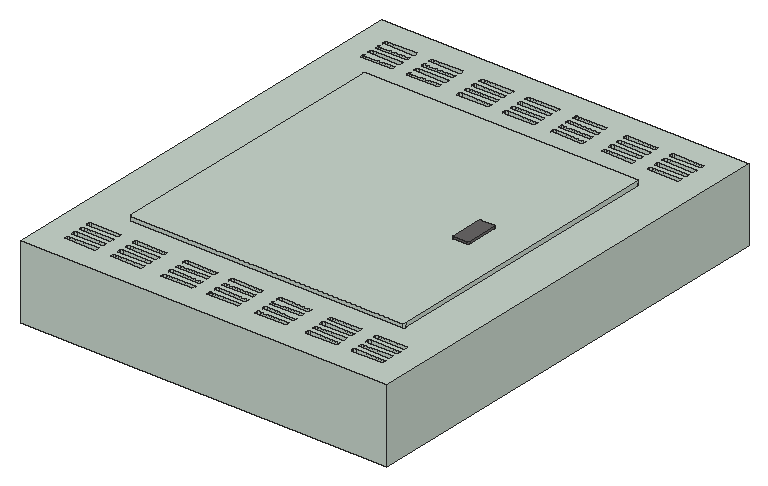
Revit family "NXP2", category Communication Devices, host Face, Revit 2021
Family settings
  Host = Face
  Maintain Annotation Orientation = No
  Round Connector Dimension = Use Diameter
  Part Type = Normal
  OmniClass Number = 23.85.80.11.27
  OmniClass Title = Lighting Controls
  Cut with Voids When Loaded = No
  Shared = Yes
  Room Calculation Point = No
Parameters (values of type "V2-16")
  Width = 20.00"
  Warranty = "5-Years Warranty"  # constant formula
  Voltage = "120/277/347 VAC"
  Type Comments = "NX Lighting Control Panel"  # constant formula
  URL = "https://www.currentlighting.com/nxlightingcontrols"
  Model = "NX Lighting Control Panel"  # constant formula
  Manufacturer = " NX Lighting Controls"  # constant formula
  Inner Width = Width - 5.00"  # 15.00"
  Inner Height [instance] = (Height * 0.65)  # 15.99"
  Height = 24.60"
  Handle = Paint -  Textured Camera Black
  Features = "Meets applicable ASHRAE, IECC and Title 24 energy codes\r\nand requirements\r\n• Available in 8, 16, 24, 32 and 48 relay panel sizes\r\n• Operates as standalone panel or NX network device\r\n• Programmable using the Bluetooth®  Mobile App*\r\n• Matching number of relays and dimming channels\r\n• Integrated NX SmartPORTs™ for connection of NX devices**\r\n• Optional UL924 Kit\r\n• Contractor friendly mounting/installation"  # constant formula
  Description = "NX Lighting Control Panel"  # constant formula
  Default Elevation = 48.00"  # constant formula
  Copyright = "Copyright © NX Lighting Controls"  # constant formula
  Contact Us = ""
  Housing Material = Plastic - Gray
  Certification = "UL 916, CAN/CSA C22.2 No. 205\r\n• UL 924, CAN/CSA C22.2 No. 141 Emergency\r\nLighting (NXP2-UL924KIT Required)"  # constant formula
  Assembly Code = "D5090"
Types (5): name | Inner Height | Height
  (no name) | 15.99" | 24.60"
  V2-8 | 13.455" | 20.70"
  V2-16 | 15.99" | 24.60"
  V2-32 | 21.19" | 32.60"
  V2-48 | 26.26" | 40.40"
Reference planes (in)
  plane 1 "Center (Front/Back)": y = 13.01342
  plane 2: z = 0
  plane 3 "Center (Left/Right)": x = 0
  plane 4: x = 10
  plane 5: x = -10
  plane 6: y = 25.31342
  plane 7: y = 0.71342
  plane 8: y = 5.01842
  plane 9: y = 21.00842
  plane 10: x = -7.5
  plane 11: x = 7.5
Forms (in)
  Extrusion 1, solid, material "Plastic - Gray" <- "Housing Material"
    sketch origin (0, 0, 0) x (1, 0, 0) y (0, 1, 0)
      loop
        line (-10, 0.71342) -> (10, 0.71342) -> (10, 25.31342) -> (-10, 25.31342) -> (-10, 0.71342)
    from 0 to 4
  Extrusion 2, void
    sketch origin (0, 0, 0) x (1, 0, 0) y (0, 1, 0)
      loop
        arc (-3.3575, 23.97616) -> (-3.41407, 23.95273) -> (-3.4375, 23.89616) r 0.08
        line (-3.4375, 23.89616) -> (-3.4375, 23.80616)
        arc (-3.4375, 23.80616) -> (-3.41407, 23.74959) -> (-3.3575, 23.72616) r 0.08
        line (-3.3575, 23.72616) -> (-1.7675, 23.72616)
        arc (-1.7675, 23.72616) -> (-1.71093, 23.74959) -> (-1.6875, 23.80616) r 0.08
        line (-1.6875, 23.80616) -> (-1.6875, 23.89616)
        arc (-1.6875, 23.89616) -> (-1.71093, 23.95273) -> (-1.7675, 23.97616) r 0.08
        line (-1.7675, 23.97616) -> (-3.3575, 23.97616)
      loop
        arc (-3.3575, 23.47616) -> (-3.41407, 23.45273) -> (-3.4375, 23.39616) r 0.08
        line (-3.4375, 23.39616) -> (-3.4375, 23.30616)
        arc (-3.4375, 23.30616) -> (-3.41407, 23.24959) -> (-3.3575, 23.22616) r 0.08
        line (-3.3575, 23.22616) -> (-1.7675, 23.22616)
        arc (-1.7675, 23.22616) -> (-1.71093, 23.24959) -> (-1.6875, 23.30616) r 0.08
        line (-1.6875, 23.30616) -> (-1.6875, 23.39616)
        arc (-1.6875, 23.39616) -> (-1.71093, 23.45273) -> (-1.7675, 23.47616) r 0.08
        line (-1.7675, 23.47616) -> (-3.3575, 23.47616)
      loop
        arc (-3.3575, 22.97616) -> (-3.41407, 22.95273) -> (-3.4375, 22.89616) r 0.08
        line (-3.4375, 22.89616) -> (-3.4375, 22.80616)
        arc (-3.4375, 22.80616) -> (-3.41407, 22.74959) -> (-3.3575, 22.72616) r 0.08
        line (-3.3575, 22.72616) -> (-1.7675, 22.72616)
        arc (-1.7675, 22.72616) -> (-1.71093, 22.74959) -> (-1.6875, 22.80616) r 0.08
        line (-1.6875, 22.80616) -> (-1.6875, 22.89616)
        arc (-1.6875, 22.89616) -> (-1.71093, 22.95273) -> (-1.7675, 22.97616) r 0.08
        line (-1.7675, 22.97616) -> (-3.3575, 22.97616)
      loop
        arc (-3.3575, 22.47616) -> (-3.41407, 22.45273) -> (-3.4375, 22.39616) r 0.08
        line (-3.4375, 22.39616) -> (-3.4375, 22.30616)
        arc (-3.4375, 22.30616) -> (-3.41407, 22.24959) -> (-3.3575, 22.22616) r 0.08
        line (-3.3575, 22.22616) -> (-1.7675, 22.22616)
        arc (-1.7675, 22.22616) -> (-1.71093, 22.24959) -> (-1.6875, 22.30616) r 0.08
        line (-1.6875, 22.30616) -> (-1.6875, 22.39616)
        arc (-1.6875, 22.39616) -> (-1.71093, 22.45273) -> (-1.7675, 22.47616) r 0.08
        line (-1.7675, 22.47616) -> (-3.3575, 22.47616)
      loop
        arc (-0.8575, 23.97616) -> (-0.91407, 23.95273) -> (-0.9375, 23.89616) r 0.08
        line (-0.9375, 23.89616) -> (-0.9375, 23.80616)
        arc (-0.9375, 23.80616) -> (-0.91407, 23.74959) -> (-0.8575, 23.72616) r 0.08
        line (-0.8575, 23.72616) -> (0.7325, 23.72616)
        arc (0.7325, 23.72616) -> (0.78907, 23.74959) -> (0.8125, 23.80616) r 0.08
        line (0.8125, 23.80616) -> (0.8125, 23.89616)
        arc (0.8125, 23.89616) -> (0.78907, 23.95273) -> (0.7325, 23.97616) r 0.08
        line (0.7325, 23.97616) -> (-0.8575, 23.97616)
      loop
        arc (-0.8575, 23.47616) -> (-0.91407, 23.45273) -> (-0.9375, 23.39616) r 0.08
        line (-0.9375, 23.39616) -> (-0.9375, 23.30616)
        arc (-0.9375, 23.30616) -> (-0.91407, 23.24959) -> (-0.8575, 23.22616) r 0.08
        line (-0.8575, 23.22616) -> (0.7325, 23.22616)
        arc (0.7325, 23.22616) -> (0.78907, 23.24959) -> (0.8125, 23.30616) r 0.08
        line (0.8125, 23.30616) -> (0.8125, 23.39616)
        arc (0.8125, 23.39616) -> (0.78907, 23.45273) -> (0.7325, 23.47616) r 0.08
        line (0.7325, 23.47616) -> (-0.8575, 23.47616)
      loop
        arc (-0.8575, 22.97616) -> (-0.91407, 22.95273) -> (-0.9375, 22.89616) r 0.08
        line (-0.9375, 22.89616) -> (-0.9375, 22.80616)
        arc (-0.9375, 22.80616) -> (-0.91407, 22.74959) -> (-0.8575, 22.72616) r 0.08
        line (-0.8575, 22.72616) -> (0.7325, 22.72616)
        arc (0.7325, 22.72616) -> (0.78907, 22.74959) -> (0.8125, 22.80616) r 0.08
        line (0.8125, 22.80616) -> (0.8125, 22.89616)
        arc (0.8125, 22.89616) -> (0.78907, 22.95273) -> (0.7325, 22.97616) r 0.08
        line (0.7325, 22.97616) -> (-0.8575, 22.97616)
      loop
        arc (-0.8575, 22.47616) -> (-0.91407, 22.45273) -> (-0.9375, 22.39616) r 0.08
        line (-0.9375, 22.39616) -> (-0.9375, 22.30616)
        arc (-0.9375, 22.30616) -> (-0.91407, 22.24959) -> (-0.8575, 22.22616) r 0.08
        line (-0.8575, 22.22616) -> (0.7325, 22.22616)
        arc (0.7325, 22.22616) -> (0.78907, 22.24959) -> (0.8125, 22.30616) r 0.08
        line (0.8125, 22.30616) -> (0.8125, 22.39616)
        arc (0.8125, 22.39616) -> (0.78907, 22.45273) -> (0.7325, 22.47616) r 0.08
        line (0.7325, 22.47616) -> (-0.8575, 22.47616)
      loop
        arc (1.7675, 23.97616) -> (1.71093, 23.95273) -> (1.6875, 23.89616) r 0.08
        line (1.6875, 23.89616) -> (1.6875, 23.80616)
        arc (1.6875, 23.80616) -> (1.71093, 23.74959) -> (1.7675, 23.72616) r 0.08
        line (1.7675, 23.72616) -> (3.3575, 23.72616)
        arc (3.3575, 23.72616) -> (3.41407, 23.74959) -> (3.4375, 23.80616) r 0.08
        line (3.4375, 23.80616) -> (3.4375, 23.89616)
        arc (3.4375, 23.89616) -> (3.41407, 23.95273) -> (3.3575, 23.97616) r 0.08
        line (3.3575, 23.97616) -> (1.7675, 23.97616)
      loop
        arc (1.7675, 23.47616) -> (1.71093, 23.45273) -> (1.6875, 23.39616) r 0.08
        line (1.6875, 23.39616) -> (1.6875, 23.30616)
        arc (1.6875, 23.30616) -> (1.71093, 23.24959) -> (1.7675, 23.22616) r 0.08
        line (1.7675, 23.22616) -> (3.3575, 23.22616)
        arc (3.3575, 23.22616) -> (3.41407, 23.24959) -> (3.4375, 23.30616) r 0.08
        line (3.4375, 23.30616) -> (3.4375, 23.39616)
        arc (3.4375, 23.39616) -> (3.41407, 23.45273) -> (3.3575, 23.47616) r 0.08
        line (3.3575, 23.47616) -> (1.7675, 23.47616)
      loop
        arc (1.7675, 22.97616) -> (1.71093, 22.95273) -> (1.6875, 22.89616) r 0.08
        line (1.6875, 22.89616) -> (1.6875, 22.80616)
        arc (1.6875, 22.80616) -> (1.71093, 22.74959) -> (1.7675, 22.72616) r 0.08
        line (1.7675, 22.72616) -> (3.3575, 22.72616)
        arc (3.3575, 22.72616) -> (3.41407, 22.74959) -> (3.4375, 22.80616) r 0.08
        line (3.4375, 22.80616) -> (3.4375, 22.89616)
        arc (3.4375, 22.89616) -> (3.41407, 22.95273) -> (3.3575, 22.97616) r 0.08
        line (3.3575, 22.97616) -> (1.7675, 22.97616)
      loop
        arc (1.7675, 22.47616) -> (1.71093, 22.45273) -> (1.6875, 22.39616) r 0.08
        line (1.6875, 22.39616) -> (1.6875, 22.30616)
        arc (1.6875, 22.30616) -> (1.71093, 22.24959) -> (1.7675, 22.22616) r 0.08
        line (1.7675, 22.22616) -> (3.3575, 22.22616)
        arc (3.3575, 22.22616) -> (3.41407, 22.24959) -> (3.4375, 22.30616) r 0.08
        line (3.4375, 22.30616) -> (3.4375, 22.39616)
        arc (3.4375, 22.39616) -> (3.41407, 22.45273) -> (3.3575, 22.47616) r 0.08
        line (3.3575, 22.47616) -> (1.7675, 22.47616)
      loop
        line (-4.5175, 23.97616) -> (-6.1075, 23.97616)
        arc (-6.1075, 23.97616) -> (-6.16407, 23.95273) -> (-6.1875, 23.89616) r 0.08
        line (-6.1875, 23.89616) -> (-6.1875, 23.80616)
        arc (-6.1875, 23.80616) -> (-6.16407, 23.74959) -> (-6.1075, 23.72616) r 0.08
        line (-6.1075, 23.72616) -> (-4.5175, 23.72616)
        arc (-4.5175, 23.72616) -> (-4.46093, 23.74959) -> (-4.4375, 23.80616) r 0.08
        line (-4.4375, 23.80616) -> (-4.4375, 23.89616)
        arc (-4.4375, 23.89616) -> (-4.46093, 23.95273) -> (-4.5175, 23.97616) r 0.08
      loop
        line (-4.5175, 23.47616) -> (-6.1075, 23.47616)
        arc (-6.1075, 23.47616) -> (-6.16407, 23.45273) -> (-6.1875, 23.39616) r 0.08
        line (-6.1875, 23.39616) -> (-6.1875, 23.30616)
        arc (-6.1875, 23.30616) -> (-6.16407, 23.24959) -> (-6.1075, 23.22616) r 0.08
        line (-6.1075, 23.22616) -> (-4.5175, 23.22616)
        arc (-4.5175, 23.22616) -> (-4.46093, 23.24959) -> (-4.4375, 23.30616) r 0.08
        line (-4.4375, 23.30616) -> (-4.4375, 23.39616)
        arc (-4.4375, 23.39616) -> (-4.46093, 23.45273) -> (-4.5175, 23.47616) r 0.08
      loop
        line (-4.5175, 22.97616) -> (-6.1075, 22.97616)
        arc (-6.1075, 22.97616) -> (-6.16407, 22.95273) -> (-6.1875, 22.89616) r 0.08
        line (-6.1875, 22.89616) -> (-6.1875, 22.80616)
        arc (-6.1875, 22.80616) -> (-6.16407, 22.74959) -> (-6.1075, 22.72616) r 0.08
        line (-6.1075, 22.72616) -> (-4.5175, 22.72616)
        arc (-4.5175, 22.72616) -> (-4.46093, 22.74959) -> (-4.4375, 22.80616) r 0.08
        line (-4.4375, 22.80616) -> (-4.4375, 22.89616)
        arc (-4.4375, 22.89616) -> (-4.46093, 22.95273) -> (-4.5175, 22.97616) r 0.08
      loop
        line (-4.5175, 22.47616) -> (-6.1075, 22.47616)
        arc (-6.1075, 22.47616) -> (-6.16407, 22.45273) -> (-6.1875, 22.39616) r 0.08
        line (-6.1875, 22.39616) -> (-6.1875, 22.30616)
        arc (-6.1875, 22.30616) -> (-6.16407, 22.24959) -> (-6.1075, 22.22616) r 0.08
        line (-6.1075, 22.22616) -> (-4.5175, 22.22616)
        arc (-4.5175, 22.22616) -> (-4.46093, 22.24959) -> (-4.4375, 22.30616) r 0.08
        line (-4.4375, 22.30616) -> (-4.4375, 22.39616)
        arc (-4.4375, 22.39616) -> (-4.46093, 22.45273) -> (-4.5175, 22.47616) r 0.08
      loop
        line (-7.0175, 23.97616) -> (-8.6075, 23.97616)
        arc (-8.6075, 23.97616) -> (-8.66407, 23.95273) -> (-8.6875, 23.89616) r 0.08
        line (-8.6875, 23.89616) -> (-8.6875, 23.80616)
        arc (-8.6875, 23.80616) -> (-8.66407, 23.74959) -> (-8.6075, 23.72616) r 0.08
        line (-8.6075, 23.72616) -> (-7.0175, 23.72616)
        arc (-7.0175, 23.72616) -> (-6.96093, 23.74959) -> (-6.9375, 23.80616) r 0.08
        line (-6.9375, 23.80616) -> (-6.9375, 23.89616)
        arc (-6.9375, 23.89616) -> (-6.96093, 23.95273) -> (-7.0175, 23.97616) r 0.08
      loop
        line (-7.0175, 23.47616) -> (-8.6075, 23.47616)
        arc (-8.6075, 23.47616) -> (-8.66407, 23.45273) -> (-8.6875, 23.39616) r 0.08
        line (-8.6875, 23.39616) -> (-8.6875, 23.30616)
        arc (-8.6875, 23.30616) -> (-8.66407, 23.24959) -> (-8.6075, 23.22616) r 0.08
        line (-8.6075, 23.22616) -> (-7.0175, 23.22616)
        arc (-7.0175, 23.22616) -> (-6.96093, 23.24959) -> (-6.9375, 23.30616) r 0.08
        line (-6.9375, 23.30616) -> (-6.9375, 23.39616)
        arc (-6.9375, 23.39616) -> (-6.96093, 23.45273) -> (-7.0175, 23.47616) r 0.08
      loop
        line (-7.0175, 22.97616) -> (-8.6075, 22.97616)
        arc (-8.6075, 22.97616) -> (-8.66407, 22.95273) -> (-8.6875, 22.89616) r 0.08
        line (-8.6875, 22.89616) -> (-8.6875, 22.80616)
        arc (-8.6875, 22.80616) -> (-8.66407, 22.74959) -> (-8.6075, 22.72616) r 0.08
        line (-8.6075, 22.72616) -> (-7.0175, 22.72616)
        arc (-7.0175, 22.72616) -> (-6.96093, 22.74959) -> (-6.9375, 22.80616) r 0.08
        line (-6.9375, 22.80616) -> (-6.9375, 22.89616)
        arc (-6.9375, 22.89616) -> (-6.96093, 22.95273) -> (-7.0175, 22.97616) r 0.08
      loop
        line (-7.0175, 22.47616) -> (-8.6075, 22.47616)
        arc (-8.6075, 22.47616) -> (-8.66407, 22.45273) -> (-8.6875, 22.39616) r 0.08
        line (-8.6875, 22.39616) -> (-8.6875, 22.30616)
        arc (-8.6875, 22.30616) -> (-8.66407, 22.24959) -> (-8.6075, 22.22616) r 0.08
        line (-8.6075, 22.22616) -> (-7.0175, 22.22616)
        arc (-7.0175, 22.22616) -> (-6.96093, 22.24959) -> (-6.9375, 22.30616) r 0.08
        line (-6.9375, 22.30616) -> (-6.9375, 22.39616)
        arc (-6.9375, 22.39616) -> (-6.96093, 22.45273) -> (-7.0175, 22.47616) r 0.08
      loop
        arc (4.5175, 23.97616) -> (4.46093, 23.95273) -> (4.4375, 23.89616) r 0.08
        line (4.4375, 23.89616) -> (4.4375, 23.80616)
        arc (4.4375, 23.80616) -> (4.46093, 23.74959) -> (4.5175, 23.72616) r 0.08
        line (4.5175, 23.72616) -> (6.1075, 23.72616)
        arc (6.1075, 23.72616) -> (6.16407, 23.74959) -> (6.1875, 23.80616) r 0.08
        line (6.1875, 23.80616) -> (6.1875, 23.89616)
        arc (6.1875, 23.89616) -> (6.16407, 23.95273) -> (6.1075, 23.97616) r 0.08
        line (6.1075, 23.97616) -> (4.5175, 23.97616)
      loop
        arc (4.5175, 23.47616) -> (4.46093, 23.45273) -> (4.4375, 23.39616) r 0.08
        line (4.4375, 23.39616) -> (4.4375, 23.30616)
        arc (4.4375, 23.30616) -> (4.46093, 23.24959) -> (4.5175, 23.22616) r 0.08
        line (4.5175, 23.22616) -> (6.1075, 23.22616)
        arc (6.1075, 23.22616) -> (6.16407, 23.24959) -> (6.1875, 23.30616) r 0.08
        line (6.1875, 23.30616) -> (6.1875, 23.39616)
        arc (6.1875, 23.39616) -> (6.16407, 23.45273) -> (6.1075, 23.47616) r 0.08
        line (6.1075, 23.47616) -> (4.5175, 23.47616)
      loop
        arc (4.5175, 22.97616) -> (4.46093, 22.95273) -> (4.4375, 22.89616) r 0.08
        line (4.4375, 22.89616) -> (4.4375, 22.80616)
        arc (4.4375, 22.80616) -> (4.46093, 22.74959) -> (4.5175, 22.72616) r 0.08
        line (4.5175, 22.72616) -> (6.1075, 22.72616)
        arc (6.1075, 22.72616) -> (6.16407, 22.74959) -> (6.1875, 22.80616) r 0.08
        line (6.1875, 22.80616) -> (6.1875, 22.89616)
        arc (6.1875, 22.89616) -> (6.16407, 22.95273) -> (6.1075, 22.97616) r 0.08
        line (6.1075, 22.97616) -> (4.5175, 22.97616)
      loop
        arc (4.5175, 22.47616) -> (4.46093, 22.45273) -> (4.4375, 22.39616) r 0.08
        line (4.4375, 22.39616) -> (4.4375, 22.30616)
        arc (4.4375, 22.30616) -> (4.46093, 22.24959) -> (4.5175, 22.22616) r 0.08
        line (4.5175, 22.22616) -> (6.1075, 22.22616)
        arc (6.1075, 22.22616) -> (6.16407, 22.24959) -> (6.1875, 22.30616) r 0.08
        line (6.1875, 22.30616) -> (6.1875, 22.39616)
        arc (6.1875, 22.39616) -> (6.16407, 22.45273) -> (6.1075, 22.47616) r 0.08
        line (6.1075, 22.47616) -> (4.5175, 22.47616)
      loop
        arc (7.0175, 23.97616) -> (6.96093, 23.95273) -> (6.9375, 23.89616) r 0.08
        line (6.9375, 23.89616) -> (6.9375, 23.80616)
        arc (6.9375, 23.80616) -> (6.96093, 23.74959) -> (7.0175, 23.72616) r 0.08
        line (7.0175, 23.72616) -> (8.6075, 23.72616)
        arc (8.6075, 23.72616) -> (8.66407, 23.74959) -> (8.6875, 23.80616) r 0.08
        line (8.6875, 23.80616) -> (8.6875, 23.89616)
        arc (8.6875, 23.89616) -> (8.66407, 23.95273) -> (8.6075, 23.97616) r 0.08
        line (8.6075, 23.97616) -> (7.0175, 23.97616)
      loop
        arc (7.0175, 23.47616) -> (6.96093, 23.45273) -> (6.9375, 23.39616) r 0.08
        line (6.9375, 23.39616) -> (6.9375, 23.30616)
        arc (6.9375, 23.30616) -> (6.96093, 23.24959) -> (7.0175, 23.22616) r 0.08
        line (7.0175, 23.22616) -> (8.6075, 23.22616)
        arc (8.6075, 23.22616) -> (8.66407, 23.24959) -> (8.6875, 23.30616) r 0.08
        line (8.6875, 23.30616) -> (8.6875, 23.39616)
        arc (8.6875, 23.39616) -> (8.66407, 23.45273) -> (8.6075, 23.47616) r 0.08
        line (8.6075, 23.47616) -> (7.0175, 23.47616)
      loop
        arc (7.0175, 22.97616) -> (6.96093, 22.95273) -> (6.9375, 22.89616) r 0.08
        line (6.9375, 22.89616) -> (6.9375, 22.80616)
        arc (6.9375, 22.80616) -> (6.96093, 22.74959) -> (7.0175, 22.72616) r 0.08
        line (7.0175, 22.72616) -> (8.6075, 22.72616)
        arc (8.6075, 22.72616) -> (8.66407, 22.74959) -> (8.6875, 22.80616) r 0.08
        line (8.6875, 22.80616) -> (8.6875, 22.89616)
        arc (8.6875, 22.89616) -> (8.66407, 22.95273) -> (8.6075, 22.97616) r 0.08
        line (8.6075, 22.97616) -> (7.0175, 22.97616)
      loop
        arc (7.0175, 22.47616) -> (6.96093, 22.45273) -> (6.9375, 22.39616) r 0.08
        line (6.9375, 22.39616) -> (6.9375, 22.30616)
        arc (6.9375, 22.30616) -> (6.96093, 22.24959) -> (7.0175, 22.22616) r 0.08
        line (7.0175, 22.22616) -> (8.6075, 22.22616)
        arc (8.6075, 22.22616) -> (8.66407, 22.24959) -> (8.6875, 22.30616) r 0.08
        line (8.6875, 22.30616) -> (8.6875, 22.39616)
        arc (8.6875, 22.39616) -> (8.66407, 22.45273) -> (8.6075, 22.47616) r 0.08
        line (8.6075, 22.47616) -> (7.0175, 22.47616)
      loop
        line (-3.3575, 2.05068) -> (-1.7675, 2.05068)
        arc (-1.7675, 2.05068) -> (-1.71093, 2.07411) -> (-1.6875, 2.13068) r 0.08
        line (-1.6875, 2.13068) -> (-1.6875, 2.22068)
        arc (-1.6875, 2.22068) -> (-1.71093, 2.27725) -> (-1.7675, 2.30068) r 0.08
        line (-1.7675, 2.30068) -> (-3.3575, 2.30068)
        arc (-3.3575, 2.30068) -> (-3.41407, 2.27725) -> (-3.4375, 2.22068) r 0.08
        line (-3.4375, 2.22068) -> (-3.4375, 2.13068)
        arc (-3.4375, 2.13068) -> (-3.41407, 2.07411) -> (-3.3575, 2.05068) r 0.08
      loop
        line (-3.3575, 2.55068) -> (-1.7675, 2.55068)
        arc (-1.7675, 2.55068) -> (-1.71093, 2.57411) -> (-1.6875, 2.63068) r 0.08
        line (-1.6875, 2.63068) -> (-1.6875, 2.72068)
        arc (-1.6875, 2.72068) -> (-1.71093, 2.77725) -> (-1.7675, 2.80068) r 0.08
        line (-1.7675, 2.80068) -> (-3.3575, 2.80068)
        arc (-3.3575, 2.80068) -> (-3.41407, 2.77725) -> (-3.4375, 2.72068) r 0.08
        line (-3.4375, 2.72068) -> (-3.4375, 2.63068)
        arc (-3.4375, 2.63068) -> (-3.41407, 2.57411) -> (-3.3575, 2.55068) r 0.08
      loop
        line (-3.3575, 3.05068) -> (-1.7675, 3.05068)
        arc (-1.7675, 3.05068) -> (-1.71093, 3.07411) -> (-1.6875, 3.13068) r 0.08
        line (-1.6875, 3.13068) -> (-1.6875, 3.22068)
        arc (-1.6875, 3.22068) -> (-1.71093, 3.27725) -> (-1.7675, 3.30068) r 0.08
        line (-1.7675, 3.30068) -> (-3.3575, 3.30068)
        arc (-3.3575, 3.30068) -> (-3.41407, 3.27725) -> (-3.4375, 3.22068) r 0.08
        line (-3.4375, 3.22068) -> (-3.4375, 3.13068)
        arc (-3.4375, 3.13068) -> (-3.41407, 3.07411) -> (-3.3575, 3.05068) r 0.08
      loop
        line (-3.3575, 3.55068) -> (-1.7675, 3.55068)
        arc (-1.7675, 3.55068) -> (-1.71093, 3.57411) -> (-1.6875, 3.63068) r 0.08
        line (-1.6875, 3.63068) -> (-1.6875, 3.72068)
        arc (-1.6875, 3.72068) -> (-1.71093, 3.77725) -> (-1.7675, 3.80068) r 0.08
        line (-1.7675, 3.80068) -> (-3.3575, 3.80068)
        arc (-3.3575, 3.80068) -> (-3.41407, 3.77725) -> (-3.4375, 3.72068) r 0.08
        line (-3.4375, 3.72068) -> (-3.4375, 3.63068)
        arc (-3.4375, 3.63068) -> (-3.41407, 3.57411) -> (-3.3575, 3.55068) r 0.08
      loop
        line (-0.8575, 2.05068) -> (0.7325, 2.05068)
        arc (0.7325, 2.05068) -> (0.78907, 2.07411) -> (0.8125, 2.13068) r 0.08
        line (0.8125, 2.13068) -> (0.8125, 2.22068)
        arc (0.8125, 2.22068) -> (0.78907, 2.27725) -> (0.7325, 2.30068) r 0.08
        line (0.7325, 2.30068) -> (-0.8575, 2.30068)
        arc (-0.8575, 2.30068) -> (-0.91407, 2.27725) -> (-0.9375, 2.22068) r 0.08
        line (-0.9375, 2.22068) -> (-0.9375, 2.13068)
        arc (-0.9375, 2.13068) -> (-0.91407, 2.07411) -> (-0.8575, 2.05068) r 0.08
      loop
        line (-0.8575, 2.55068) -> (0.7325, 2.55068)
        arc (0.7325, 2.55068) -> (0.78907, 2.57411) -> (0.8125, 2.63068) r 0.08
        line (0.8125, 2.63068) -> (0.8125, 2.72068)
        arc (0.8125, 2.72068) -> (0.78907, 2.77725) -> (0.7325, 2.80068) r 0.08
        line (0.7325, 2.80068) -> (-0.8575, 2.80068)
        arc (-0.8575, 2.80068) -> (-0.91407, 2.77725) -> (-0.9375, 2.72068) r 0.08
        line (-0.9375, 2.72068) -> (-0.9375, 2.63068)
        arc (-0.9375, 2.63068) -> (-0.91407, 2.57411) -> (-0.8575, 2.55068) r 0.08
      loop
        line (-0.8575, 3.05068) -> (0.7325, 3.05068)
        arc (0.7325, 3.05068) -> (0.78907, 3.07411) -> (0.8125, 3.13068) r 0.08
        line (0.8125, 3.13068) -> (0.8125, 3.22068)
        arc (0.8125, 3.22068) -> (0.78907, 3.27725) -> (0.7325, 3.30068) r 0.08
        line (0.7325, 3.30068) -> (-0.8575, 3.30068)
        arc (-0.8575, 3.30068) -> (-0.91407, 3.27725) -> (-0.9375, 3.22068) r 0.08
        line (-0.9375, 3.22068) -> (-0.9375, 3.13068)
        arc (-0.9375, 3.13068) -> (-0.91407, 3.07411) -> (-0.8575, 3.05068) r 0.08
      loop
        line (-0.8575, 3.55068) -> (0.7325, 3.55068)
        arc (0.7325, 3.55068) -> (0.78907, 3.57411) -> (0.8125, 3.63068) r 0.08
        line (0.8125, 3.63068) -> (0.8125, 3.72068)
        arc (0.8125, 3.72068) -> (0.78907, 3.77725) -> (0.7325, 3.80068) r 0.08
        line (0.7325, 3.80068) -> (-0.8575, 3.80068)
        arc (-0.8575, 3.80068) -> (-0.91407, 3.77725) -> (-0.9375, 3.72068) r 0.08
        line (-0.9375, 3.72068) -> (-0.9375, 3.63068)
        arc (-0.9375, 3.63068) -> (-0.91407, 3.57411) -> (-0.8575, 3.55068) r 0.08
      loop
        line (1.7675, 2.05068) -> (3.3575, 2.05068)
        arc (3.3575, 2.05068) -> (3.41407, 2.07411) -> (3.4375, 2.13068) r 0.08
        line (3.4375, 2.13068) -> (3.4375, 2.22068)
        arc (3.4375, 2.22068) -> (3.41407, 2.27725) -> (3.3575, 2.30068) r 0.08
        line (3.3575, 2.30068) -> (1.7675, 2.30068)
        arc (1.7675, 2.30068) -> (1.71093, 2.27725) -> (1.6875, 2.22068) r 0.08
        line (1.6875, 2.22068) -> (1.6875, 2.13068)
        arc (1.6875, 2.13068) -> (1.71093, 2.07411) -> (1.7675, 2.05068) r 0.08
      loop
        line (1.7675, 2.55068) -> (3.3575, 2.55068)
        arc (3.3575, 2.55068) -> (3.41407, 2.57411) -> (3.4375, 2.63068) r 0.08
        line (3.4375, 2.63068) -> (3.4375, 2.72068)
        arc (3.4375, 2.72068) -> (3.41407, 2.77725) -> (3.3575, 2.80068) r 0.08
        line (3.3575, 2.80068) -> (1.7675, 2.80068)
        arc (1.7675, 2.80068) -> (1.71093, 2.77725) -> (1.6875, 2.72068) r 0.08
        line (1.6875, 2.72068) -> (1.6875, 2.63068)
        arc (1.6875, 2.63068) -> (1.71093, 2.57411) -> (1.7675, 2.55068) r 0.08
      loop
        line (1.7675, 3.05068) -> (3.3575, 3.05068)
        arc (3.3575, 3.05068) -> (3.41407, 3.07411) -> (3.4375, 3.13068) r 0.08
        line (3.4375, 3.13068) -> (3.4375, 3.22068)
        arc (3.4375, 3.22068) -> (3.41407, 3.27725) -> (3.3575, 3.30068) r 0.08
        line (3.3575, 3.30068) -> (1.7675, 3.30068)
        arc (1.7675, 3.30068) -> (1.71093, 3.27725) -> (1.6875, 3.22068) r 0.08
        line (1.6875, 3.22068) -> (1.6875, 3.13068)
        arc (1.6875, 3.13068) -> (1.71093, 3.07411) -> (1.7675, 3.05068) r 0.08
      loop
        line (1.7675, 3.55068) -> (3.3575, 3.55068)
        arc (3.3575, 3.55068) -> (3.41407, 3.57411) -> (3.4375, 3.63068) r 0.08
        line (3.4375, 3.63068) -> (3.4375, 3.72068)
        arc (3.4375, 3.72068) -> (3.41407, 3.77725) -> (3.3575, 3.80068) r 0.08
        line (3.3575, 3.80068) -> (1.7675, 3.80068)
        arc (1.7675, 3.80068) -> (1.71093, 3.77725) -> (1.6875, 3.72068) r 0.08
        line (1.6875, 3.72068) -> (1.6875, 3.63068)
        arc (1.6875, 3.63068) -> (1.71093, 3.57411) -> (1.7675, 3.55068) r 0.08
      loop
        arc (-4.5175, 2.05068) -> (-4.46093, 2.07411) -> (-4.4375, 2.13068) r 0.08
        line (-4.4375, 2.13068) -> (-4.4375, 2.22068)
        arc (-4.4375, 2.22068) -> (-4.46093, 2.27725) -> (-4.5175, 2.30068) r 0.08
        line (-4.5175, 2.30068) -> (-6.1075, 2.30068)
        arc (-6.1075, 2.30068) -> (-6.16407, 2.27725) -> (-6.1875, 2.22068) r 0.08
        line (-6.1875, 2.22068) -> (-6.1875, 2.13068)
        arc (-6.1875, 2.13068) -> (-6.16407, 2.07411) -> (-6.1075, 2.05068) r 0.08
        line (-6.1075, 2.05068) -> (-4.5175, 2.05068)
      loop
        arc (-4.5175, 2.55068) -> (-4.46093, 2.57411) -> (-4.4375, 2.63068) r 0.08
        line (-4.4375, 2.63068) -> (-4.4375, 2.72068)
        arc (-4.4375, 2.72068) -> (-4.46093, 2.77725) -> (-4.5175, 2.80068) r 0.08
        line (-4.5175, 2.80068) -> (-6.1075, 2.80068)
        arc (-6.1075, 2.80068) -> (-6.16407, 2.77725) -> (-6.1875, 2.72068) r 0.08
        line (-6.1875, 2.72068) -> (-6.1875, 2.63068)
        arc (-6.1875, 2.63068) -> (-6.16407, 2.57411) -> (-6.1075, 2.55068) r 0.08
        line (-6.1075, 2.55068) -> (-4.5175, 2.55068)
      loop
        arc (-4.5175, 3.05068) -> (-4.46093, 3.07411) -> (-4.4375, 3.13068) r 0.08
        line (-4.4375, 3.13068) -> (-4.4375, 3.22068)
        arc (-4.4375, 3.22068) -> (-4.46093, 3.27725) -> (-4.5175, 3.30068) r 0.08
        line (-4.5175, 3.30068) -> (-6.1075, 3.30068)
        arc (-6.1075, 3.30068) -> (-6.16407, 3.27725) -> (-6.1875, 3.22068) r 0.08
        line (-6.1875, 3.22068) -> (-6.1875, 3.13068)
        arc (-6.1875, 3.13068) -> (-6.16407, 3.07411) -> (-6.1075, 3.05068) r 0.08
        line (-6.1075, 3.05068) -> (-4.5175, 3.05068)
      loop
        arc (-4.5175, 3.55068) -> (-4.46093, 3.57411) -> (-4.4375, 3.63068) r 0.08
        line (-4.4375, 3.63068) -> (-4.4375, 3.72068)
        arc (-4.4375, 3.72068) -> (-4.46093, 3.77725) -> (-4.5175, 3.80068) r 0.08
        line (-4.5175, 3.80068) -> (-6.1075, 3.80068)
        arc (-6.1075, 3.80068) -> (-6.16407, 3.77725) -> (-6.1875, 3.72068) r 0.08
        line (-6.1875, 3.72068) -> (-6.1875, 3.63068)
        arc (-6.1875, 3.63068) -> (-6.16407, 3.57411) -> (-6.1075, 3.55068) r 0.08
        line (-6.1075, 3.55068) -> (-4.5175, 3.55068)
      loop
        arc (-7.0175, 2.05068) -> (-6.96093, 2.07411) -> (-6.9375, 2.13068) r 0.08
        line (-6.9375, 2.13068) -> (-6.9375, 2.22068)
        arc (-6.9375, 2.22068) -> (-6.96093, 2.27725) -> (-7.0175, 2.30068) r 0.08
        line (-7.0175, 2.30068) -> (-8.6075, 2.30068)
        arc (-8.6075, 2.30068) -> (-8.66407, 2.27725) -> (-8.6875, 2.22068) r 0.08
        line (-8.6875, 2.22068) -> (-8.6875, 2.13068)
        arc (-8.6875, 2.13068) -> (-8.66407, 2.07411) -> (-8.6075, 2.05068) r 0.08
        line (-8.6075, 2.05068) -> (-7.0175, 2.05068)
      loop
        arc (-7.0175, 2.55068) -> (-6.96093, 2.57411) -> (-6.9375, 2.63068) r 0.08
        line (-6.9375, 2.63068) -> (-6.9375, 2.72068)
        arc (-6.9375, 2.72068) -> (-6.96093, 2.77725) -> (-7.0175, 2.80068) r 0.08
        line (-7.0175, 2.80068) -> (-8.6075, 2.80068)
        arc (-8.6075, 2.80068) -> (-8.66407, 2.77725) -> (-8.6875, 2.72068) r 0.08
        line (-8.6875, 2.72068) -> (-8.6875, 2.63068)
        arc (-8.6875, 2.63068) -> (-8.66407, 2.57411) -> (-8.6075, 2.55068) r 0.08
        line (-8.6075, 2.55068) -> (-7.0175, 2.55068)
      loop
        arc (-7.0175, 3.05068) -> (-6.96093, 3.07411) -> (-6.9375, 3.13068) r 0.08
        line (-6.9375, 3.13068) -> (-6.9375, 3.22068)
        arc (-6.9375, 3.22068) -> (-6.96093, 3.27725) -> (-7.0175, 3.30068) r 0.08
        line (-7.0175, 3.30068) -> (-8.6075, 3.30068)
        arc (-8.6075, 3.30068) -> (-8.66407, 3.27725) -> (-8.6875, 3.22068) r 0.08
        line (-8.6875, 3.22068) -> (-8.6875, 3.13068)
        arc (-8.6875, 3.13068) -> (-8.66407, 3.07411) -> (-8.6075, 3.05068) r 0.08
        line (-8.6075, 3.05068) -> (-7.0175, 3.05068)
      loop
        arc (-7.0175, 3.55068) -> (-6.96093, 3.57411) -> (-6.9375, 3.63068) r 0.08
        line (-6.9375, 3.63068) -> (-6.9375, 3.72068)
        arc (-6.9375, 3.72068) -> (-6.96093, 3.77725) -> (-7.0175, 3.80068) r 0.08
        line (-7.0175, 3.80068) -> (-8.6075, 3.80068)
        arc (-8.6075, 3.80068) -> (-8.66407, 3.77725) -> (-8.6875, 3.72068) r 0.08
        line (-8.6875, 3.72068) -> (-8.6875, 3.63068)
        arc (-8.6875, 3.63068) -> (-8.66407, 3.57411) -> (-8.6075, 3.55068) r 0.08
        line (-8.6075, 3.55068) -> (-7.0175, 3.55068)
      loop
        line (4.5175, 2.05068) -> (6.1075, 2.05068)
        arc (6.1075, 2.05068) -> (6.16407, 2.07411) -> (6.1875, 2.13068) r 0.08
        line (6.1875, 2.13068) -> (6.1875, 2.22068)
        arc (6.1875, 2.22068) -> (6.16407, 2.27725) -> (6.1075, 2.30068) r 0.08
        line (6.1075, 2.30068) -> (4.5175, 2.30068)
        arc (4.5175, 2.30068) -> (4.46093, 2.27725) -> (4.4375, 2.22068) r 0.08
        line (4.4375, 2.22068) -> (4.4375, 2.13068)
        arc (4.4375, 2.13068) -> (4.46093, 2.07411) -> (4.5175, 2.05068) r 0.08
      loop
        line (4.5175, 2.55068) -> (6.1075, 2.55068)
        arc (6.1075, 2.55068) -> (6.16407, 2.57411) -> (6.1875, 2.63068) r 0.08
        line (6.1875, 2.63068) -> (6.1875, 2.72068)
        arc (6.1875, 2.72068) -> (6.16407, 2.77725) -> (6.1075, 2.80068) r 0.08
        line (6.1075, 2.80068) -> (4.5175, 2.80068)
        arc (4.5175, 2.80068) -> (4.46093, 2.77725) -> (4.4375, 2.72068) r 0.08
        line (4.4375, 2.72068) -> (4.4375, 2.63068)
        arc (4.4375, 2.63068) -> (4.46093, 2.57411) -> (4.5175, 2.55068) r 0.08
      loop
        line (4.5175, 3.05068) -> (6.1075, 3.05068)
        arc (6.1075, 3.05068) -> (6.16407, 3.07411) -> (6.1875, 3.13068) r 0.08
        line (6.1875, 3.13068) -> (6.1875, 3.22068)
        arc (6.1875, 3.22068) -> (6.16407, 3.27725) -> (6.1075, 3.30068) r 0.08
        line (6.1075, 3.30068) -> (4.5175, 3.30068)
        arc (4.5175, 3.30068) -> (4.46093, 3.27725) -> (4.4375, 3.22068) r 0.08
        line (4.4375, 3.22068) -> (4.4375, 3.13068)
        arc (4.4375, 3.13068) -> (4.46093, 3.07411) -> (4.5175, 3.05068) r 0.08
      loop
        line (4.5175, 3.55068) -> (6.1075, 3.55068)
        arc (6.1075, 3.55068) -> (6.16407, 3.57411) -> (6.1875, 3.63068) r 0.08
        line (6.1875, 3.63068) -> (6.1875, 3.72068)
        arc (6.1875, 3.72068) -> (6.16407, 3.77725) -> (6.1075, 3.80068) r 0.08
        line (6.1075, 3.80068) -> (4.5175, 3.80068)
        arc (4.5175, 3.80068) -> (4.46093, 3.77725) -> (4.4375, 3.72068) r 0.08
        line (4.4375, 3.72068) -> (4.4375, 3.63068)
        arc (4.4375, 3.63068) -> (4.46093, 3.57411) -> (4.5175, 3.55068) r 0.08
      loop
        line (7.0175, 2.05068) -> (8.6075, 2.05068)
        arc (8.6075, 2.05068) -> (8.66407, 2.07411) -> (8.6875, 2.13068) r 0.08
        line (8.6875, 2.13068) -> (8.6875, 2.22068)
        arc (8.6875, 2.22068) -> (8.66407, 2.27725) -> (8.6075, 2.30068) r 0.08
        line (8.6075, 2.30068) -> (7.0175, 2.30068)
        arc (7.0175, 2.30068) -> (6.96093, 2.27725) -> (6.9375, 2.22068) r 0.08
        line (6.9375, 2.22068) -> (6.9375, 2.13068)
        arc (6.9375, 2.13068) -> (6.96093, 2.07411) -> (7.0175, 2.05068) r 0.08
      loop
        line (7.0175, 2.55068) -> (8.6075, 2.55068)
        arc (8.6075, 2.55068) -> (8.66407, 2.57411) -> (8.6875, 2.63068) r 0.08
        line (8.6875, 2.63068) -> (8.6875, 2.72068)
        arc (8.6875, 2.72068) -> (8.66407, 2.77725) -> (8.6075, 2.80068) r 0.08
        line (8.6075, 2.80068) -> (7.0175, 2.80068)
        arc (7.0175, 2.80068) -> (6.96093, 2.77725) -> (6.9375, 2.72068) r 0.08
        line (6.9375, 2.72068) -> (6.9375, 2.63068)
        arc (6.9375, 2.63068) -> (6.96093, 2.57411) -> (7.0175, 2.55068) r 0.08
      loop
        line (7.0175, 3.05068) -> (8.6075, 3.05068)
        arc (8.6075, 3.05068) -> (8.66407, 3.07411) -> (8.6875, 3.13068) r 0.08
        line (8.6875, 3.13068) -> (8.6875, 3.22068)
        arc (8.6875, 3.22068) -> (8.66407, 3.27725) -> (8.6075, 3.30068) r 0.08
        line (8.6075, 3.30068) -> (7.0175, 3.30068)
        arc (7.0175, 3.30068) -> (6.96093, 3.27725) -> (6.9375, 3.22068) r 0.08
        line (6.9375, 3.22068) -> (6.9375, 3.13068)
        arc (6.9375, 3.13068) -> (6.96093, 3.07411) -> (7.0175, 3.05068) r 0.08
      loop
        line (7.0175, 3.55068) -> (8.6075, 3.55068)
        arc (8.6075, 3.55068) -> (8.66407, 3.57411) -> (8.6875, 3.63068) r 0.08
        line (8.6875, 3.63068) -> (8.6875, 3.72068)
        arc (8.6875, 3.72068) -> (8.66407, 3.77725) -> (8.6075, 3.80068) r 0.08
        line (8.6075, 3.80068) -> (7.0175, 3.80068)
        arc (7.0175, 3.80068) -> (6.96093, 3.77725) -> (6.9375, 3.72068) r 0.08
        line (6.9375, 3.72068) -> (6.9375, 3.63068)
        arc (6.9375, 3.63068) -> (6.96093, 3.57411) -> (7.0175, 3.55068) r 0.08
    from 3 to 4
  Extrusion 3, solid, material "Plastic - Gray" <- "Housing Material"
    sketch origin (-0.5, 1, 0) x (1, 0, 0) y (0, 1, 0)
      loop
        arc (-6.9, 20.00842) -> (-6.97071, 19.97913) -> (-7, 19.90842) r 0.1
        line (-7, 19.90842) -> (-7, 4.11842)
        arc (-7, 4.11842) -> (-6.97071, 4.04771) -> (-6.9, 4.01842) r 0.1
        line (-6.9, 4.01842) -> (7.9, 4.01842)
        arc (7.9, 4.01842) -> (7.97071, 4.04771) -> (8, 4.11842) r 0.1
        line (8, 4.11842) -> (8, 19.90842)
        arc (8, 19.90842) -> (7.97071, 19.97913) -> (7.9, 20.00842) r 0.1
        line (7.9, 20.00842) -> (-6.9, 20.00842)
    from 4 to 4.2
  Extrusion 4, solid, material "Paint -  Textured Camera Black" <- "Handle"
    sketch origin (7, -2.25, 0) x (1, 0, 0) y (0, 1, 0)
      loop
        arc (-2.46708, 16.22104) -> (-2.53779, 16.19175) -> (-2.56708, 16.12104) r 0.1
        line (-2.56708, 16.12104) -> (-2.56708, 14.44604)
        arc (-2.56708, 14.44604) -> (-2.53779, 14.37532) -> (-2.46708, 14.34604) r 0.1
        line (-2.46708, 14.34604) -> (-1.79208, 14.34604)
        arc (-1.79208, 14.34604) -> (-1.72137, 14.37532) -> (-1.69208, 14.44604) r 0.1
        line (-1.69208, 14.44604) -> (-1.69208, 16.12104)
        arc (-1.69208, 16.12104) -> (-1.72137, 16.19175) -> (-1.79208, 16.22104) r 0.1
        line (-1.79208, 16.22104) -> (-2.46708, 16.22104)
    from 4.2 to 4.28908
Cuts and joins
  Extrusion 2 cuts Extrusion 1
Dimensions and locks (in)
  equal spacing: plane 5, plane 3 "Center (Left/Right)", plane 4
  "Width": plane 5 to plane 4
  equal spacing: plane 7, plane 1 "Center (Front/Back)", plane 6
  "Height": plane 7 to plane 6
  equal spacing: plane 8, plane 1 "Center (Front/Back)", plane 9
  "Inner Height": plane 8 to plane 9
  equal spacing: plane 10, plane 3 "Center (Left/Right)", plane 11
  "Inner Width": plane 10 to plane 11
  radius of Extrusion 3 sketch curve = 0.10"  (x2)
  aligned and locked: plane 2 to host face
  aligned and locked: level to host face
  aligned and locked: plane 7 to Extrusion 1 sketch curve
  aligned and locked: Extrusion 1 sketch curve to plane 5
  aligned and locked: Extrusion 1 sketch curve to plane 6
  aligned and locked: plane 4 to Extrusion 1 sketch curve
  aligned and locked: plane 9 to Extrusion 3 sketch curve
  aligned and locked: Extrusion 3 sketch curve to plane 8
  aligned and locked: plane 10 to Extrusion 3 sketch curve
  aligned and locked: Extrusion 3 sketch curve to plane 11
Automatic sketch dimensions
  host sketch curve to host sketch curve = 96.00"  (x2)
  Extrusion 3 sketch curve to Extrusion 3 sketch curve = 0.10"  (x2)
  plane 3 "Center (Left/Right)" to Extrusion 4 sketch curve = 4.43292"
  Extrusion 4 sketch curve to Extrusion 4 sketch curve = 0.10"  (x3)
  Extrusion 4 sketch curve to Extrusion 4 sketch curve = 0.675"
  Extrusion 4 sketch curve to Extrusion 4 sketch curve = 0.00"
  plane 1 "Center (Front/Back)" to Extrusion 4 sketch curve = 0.91738"
  Extrusion 4 sketch curve to Extrusion 4 sketch curve = 1.675"
  plane 5 to Extrusion 2 sketch curve = 1.3125"  (x2)
  Extrusion 2 sketch curve to Extrusion 2 sketch curve = 0.00"  (x133)
  Extrusion 2 sketch curve to Extrusion 2 sketch curve = 0.08"  (x178)
  Extrusion 2 sketch curve to Extrusion 2 sketch curve = 1.59"  (x11)
  Extrusion 2 sketch curve to Extrusion 2 sketch curve = 0.75"  (x9)
  Extrusion 2 sketch curve to Extrusion 2 sketch curve = 1.00"  (x4)
  plane 3 "Center (Left/Right)" to Extrusion 2 sketch curve = 0.7325"  (x3)
  Extrusion 2 sketch curve to Extrusion 2 sketch curve = 0.875"  (x4)
  Extrusion 2 sketch curve to plane 4 = 1.3925"  (x2)
  Extrusion 2 sketch curve to plane 7 = 1.33726"
  Extrusion 2 sketch curve to Extrusion 2 sketch curve = 0.09"  (x56)
  Extrusion 2 sketch curve to Extrusion 2 sketch curve = 0.25"  (x42)
  plane 6 to Extrusion 2 sketch curve = 3.08726"  (x3)
Connectors (in)
  electrical at (0, 13.01342, 0)
    settings: on cut or joined group of Extrusion 1, Extrusion 2, index 1, voltage 0 V, apparent load 0 VA, apparent load phase1 0 VA, apparent load phase2 0 VA, apparent load phase3 0 VA, power factor 1, load classification "Other", number of poles 1, system type 13, power factor state 1, is connector primary yes, connector utility no, sub classification motor no, connector description "Lighting Control Panel"
